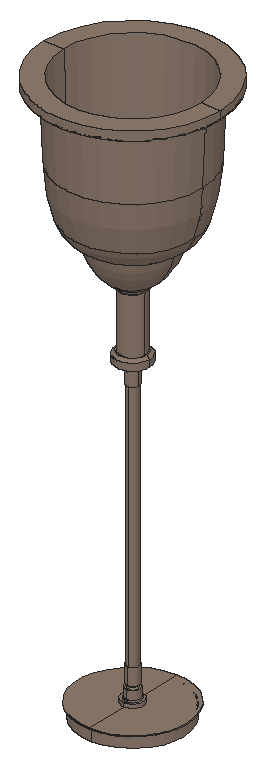
Revit family "3-6202-22 Sigma", category Lighting Fixtures, Revit 2014
Parameters
  Wattage = 9.2903 W
  built-in parameter 1150110 = 1 (stored number, unit not read)
  built-in parameter 1114217 = 1 (stored number, unit not read)
  Tilt Angle = 60.00°
  built-in parameter 1150109 = 1 (stored number, unit not read)
  built-in parameter 1150134 = 3
  built-in parameter 1150113 = 1 (stored number, unit not read)
  Stem  Length = 1' - 0"
  Photometric Web File = "generic"
  built-in parameter 1150142 = (empty or 0)
  Metal Finsih = 22- Oiled Bronze
  built-in parameter 1150105 = 109.82 (stored number, unit not read)
  Lumens = 1380 lm
  built-in parameter 1150115 = 1 (stored number, unit not read)
  built-in parameter 1150137 = (empty or 0)
  built-in parameter 1150139 = (empty or 0)
  built-in parameter 1150112 = 1 (stored number, unit not read)
  built-in parameter 1150114 = 1 (stored number, unit not read)
  built-in parameter 1150132 = (empty or 0)
  built-in parameter 1150102 = (empty or 0)
  built-in parameter 1150107 = 3200 (stored number, unit not read)
  built-in parameter 1150138 = (empty or 0)
  built-in parameter 1150106 = 1.0982 (stored number, unit not read)
  Emit from Circle Diameter = 0' - 10"
  Emit Shape Visible in Rendering = no
  built-in parameter 1150104 = 13.8 (stored number, unit not read)
  Dimming Lamp Color Temperature Shift = (empty or 0)
  Diffuser = Glass
  Default Elevation = 4' - 0"
  Color Filter = 16777215
  built-in parameter 1114218 = 1 (stored number, unit not read)
  built-in parameter 1150133 = 10 (stored number, unit not read)
Reference planes (in)
  plane 1 "Light Source Axis (F/B)": y = 0
  plane 2: z = 0
  plane 3 "Light Source Axis (L/R)": x = 0
  plane 4 "Light Source Elevation": z = 54
  plane 5: z = 0.7874
  plane 6: z = 2.75966
  plane 7: z = 14.75966
  plane 8: x = -0.25
  plane 9: x = 0.25
  plane 10: x = -0.375
  plane 11: x = 0.375
  plane 12: z = 33.92801
  plane 13: z = 31.33024
  plane 14: z = 29.63775
  plane 15: z = 28.14206
  plane 16: z = 26.8235
  plane 17: z = 23.39918
  plane 18: z = 18.9515
  plane 19: z = 18.20366
  plane 20: z = 17.73134
  plane 21: z = 17.25902
  plane 22: z = 22.27854
  plane 23: z = 21.96366
  plane 24: z = 21.64878
  plane 25: z = 16.08328
  plane 26: z = 16.2898
  plane 27: z = 22.82846
  plane 28: z = 34.08545
  plane 29: z = 32.90465
  plane 30: y = 6.25859
  plane 31: z = 32.19617
Forms (in)
  Revolve 1, solid, material "22- Oiled Bronze" <- "Metal Finsih"
    sketch origin (0, 0, 0) x (0, 1, 0) y (0, 0, 1)
      loop
        line (3.05117, 0) -> (3.05117, 0.62992)
        arc (3.05117, 0.62992) -> (3.01658, 0.71344) -> (2.93306, 0.74803) r 0.11811
        line (2.93306, 0.74803) -> (3.24802, 0.74803) -> (3.24802, 0.7874) -> (0, 0.7874) -> (0, 0) -> (3.05117, 0)
      axis (0, 0.7874) -> (0, 0)
    angle from 0 to 360
  Revolve 2, solid, material "22- Oiled Bronze" <- "Metal Finsih"
    sketch origin (0, 0, 0) x (0, 1, 0) y (0, 0, 1)
      loop
        line (0.37401, 2.75966) -> (0, 2.75966) -> (0, 0.7874) -> (0.62992, 0.7874) -> (0.62992, 0.98425) -> (0.45276, 0.98425) -> (0.45276, 1.07022) -> (0.43307, 1.09513) -> (0.43307, 1.56757) -> (0.27869, 1.56757)
        arc (0.27869, 1.56757) -> (0.24091, 1.6153) -> (0.19685, 1.6573) r 0.4362
        line (0.19685, 1.6573) -> (0.19685, 1.73604) -> (0.31496, 1.73604) -> (0.31496, 1.81478) -> (0.37401, 1.81478) -> (0.37401, 2.75966)
      axis (0, 2.75966) -> (0, 0.7874)
    angle from 0 to 360
  Revolve 3, solid, material "22- Oiled Bronze" <- "Metal Finsih"
    sketch origin (0, 0, 0) x (0, 1, 0) y (0, 0, 1)
      loop
        line (0.31496, 2.75966) -> (0.31496, 17.73134) -> (0, 17.73134) -> (0, 2.75966) -> (0.31496, 2.75966)
      axis (0, 17.73134) -> (0, 2.75966)
    angle from 0 to 360
  Revolve 4, solid, material "22- Oiled Bronze" <- "Metal Finsih"
    sketch origin (0, 0, 0) x (1, 0, 0) y (0, 0, 1)
      loop
        line (-5.25456, 34.08545) -> (-5.25456, 33.57377) -> (-5.21191, 33.57377)
        arc (-5.21191, 33.57377) -> (-5.1974, 33.55658) -> (-5.17584, 33.55015) r 0.03936
        line (-5.17584, 33.55015) -> (-4.86096, 33.55015)
        arc (-4.86096, 33.55015) -> (-4.63046, 33.42418) -> (-4.48198, 33.20749) r 0.56423
        arc (-4.48198, 33.20749) -> (-4.4531, 33.17053) -> (-4.40832, 33.15655) r 0.07872
        line (-4.40832, 33.15655) -> (-4.36759, 33.15655)
        arc (-4.36759, 33.15655) -> (-4.34003, 33.14529) -> (-4.32823, 33.11796) r 0.03936
        arc (-4.32823, 33.11796) -> (-4.27729, 31.34889) -> (-4.19334, 29.58109) r 94.81303
        arc (-4.19334, 29.58109) -> (-4.02357, 28.10292) -> (-3.64829, 26.66315) r 10.58951
        arc (-3.64829, 26.66315) -> (-3.20081, 25.91751) -> (-2.49985, 25.40286) r 2.20515
        arc (-2.49985, 25.40286) -> (-2.10562, 24.33127) -> (-1.39868, 23.43463) r 3.6384
        line (-1.39868, 23.43463) -> (-1.25952, 23.43463)
        arc (-1.25952, 23.43463) -> (-1.1567, 23.2556) -> (-0.97528, 23.15706) r 0.37887
        arc (-0.97528, 23.15706) -> (-0.9529, 23.14288) -> (-0.94458, 23.11772) r 0.03936
        arc (-0.94458, 23.11772) -> (-0.90545, 22.99515) -> (-0.79895, 22.92295) r 0.1968
        line (-0.79895, 22.92295) -> (-0.74784, 22.92295) -> (-0.74784, 22.82846) -> (0, 22.82846) -> (0, 23.39918) -> (-0.96631, 23.39918)
        arc (-0.96631, 23.39918) -> (-1.8343, 24.36173) -> (-2.27739, 25.57975) r 3.3884
        arc (-2.27739, 25.57975) -> (-2.97167, 26.03882) -> (-3.41209, 26.74508) r 1.95515
        arc (-3.41209, 26.74508) -> (-3.77816, 28.15066) -> (-3.94365, 29.59368) r 10.33951
        arc (-3.94365, 29.59368) -> (-4.04457, 31.83868) -> (-4.09211, 34.08545) r 94.56303
        line (-4.09211, 34.08545) -> (-5.25456, 34.08545)
      axis (0, 22.82846) -> (0, 34.08545)
    angle from 0 to 360
  Revolve 5, solid, material "22- Oiled Bronze" <- "Metal Finsih"
    sketch origin (0, 0, 0) x (1, 0, 0) y (0, 0, 1)
      loop
        line (-0.74784, 22.82846) -> (-0.74784, 19.49863) -> (-0.82656, 19.49863)
        arc (-0.82656, 19.49863) -> (-0.90628, 19.39656) -> (-1.02336, 19.34119) r 0.28049
        line (-1.02336, 19.34119) -> (-1.02336, 18.9515) -> (-0.734, 18.9515)
        arc (-0.734, 18.9515) -> (-0.65887, 18.86599) -> (-0.55104, 18.82951) r 0.21984
        arc (-0.55104, 18.82951) -> (-0.4653, 18.71134) -> (-0.32472, 18.67192) r 0.2221
        line (-0.32472, 18.67192) -> (-0.32472, 18.51463) -> (-0.375, 18.51463) -> (-0.375, 17.73134) -> (0, 17.73134) -> (0, 22.82846) -> (-0.74784, 22.82846)
      axis (0, 17.73134) -> (0, 22.82846)
    angle from 0 to 360
Dimensions and locks (in)
  "Stem  Length": plane 7 to plane 6
  locked: plane 5 to level at 0.7874
  locked: plane 6 to plane 5 at 1.97226
  locked: plane 12 to plane 7 at 19.16834
  plane 13 to plane 14 to plane 15 to plane 16 to plane 17 to plane 18 to plane 19 to plane 20 to plane 21 to plane 7 = 0' - 1.69249" locked, 0' - 1.49569" locked, 0' - 1.31856" locked, 0' - 3.42432" locked, 0' - 4.44768" locked, 0' - 0.74784" locked, 0' - 0.47232" locked, 0' - 0.47232" locked, 0' - 2.49936" locked
  locked: plane 22 to plane 7 at 7.51888
  equal spacing: plane 22, plane 23, plane 24, locked at 0.31488 each
  locked: plane 23 to plane 7 at 7.204
  locked: plane 27 to plane 7 at 8.0688
  locked: plane 25 to plane 7 at 1.32361
  locked: plane 26 to plane 25 at 0.20653
  plane 28 to plane 29 to plane 7 = 0' - 1.1808" locked, 1' - 6.14498" locked
  locked: plane 31 to plane 7 at 17.4365
  locked: imposter light to plane 7 at 18.74034
  aligned and locked: level to plane 2
  aligned and locked: level to Revolve 1 sketch curve
  aligned and locked: plane 5 to Revolve 1 sketch curve
  aligned and locked: plane 6 to Revolve 2 sketch curve
  aligned and locked: plane 5 to Revolve 2 sketch curve
  aligned and locked: plane 6 to Revolve 3 sketch curve
  aligned and locked: Revolve 4 sketch curve to plane 28
  aligned and locked: Revolve 4 sketch curve to plane 27
  aligned and locked: Revolve 5 sketch curve to plane 27
  aligned and locked: Revolve 5 sketch curve to plane 18
  aligned and locked: Revolve 5 sketch curve to plane 20
  aligned and locked: plane 20 to Revolve 3 sketch curve
Automatic sketch dimensions
  Revolve 1 sketch curve to plane 1 "Light Source Axis (F/B)" = 0' - 3.05117"
  Revolve 1 sketch curve to Revolve 1 sketch curve = 0' - 0.19685"
  Revolve 1 sketch curve to plane 5 = 0' - 0.15748"
  Revolve 1 sketch curve to Revolve 1 sketch curve = 0' - 0.11811"
  Revolve 1 sketch curve to Revolve 1 sketch curve = 0' - 0.03937"
  Revolve 1 sketch curve to plane 1 "Light Source Axis (F/B)" = 0' - 0"
  Revolve 1 sketch curve to Revolve 1 sketch curve = 0' - 0"
  Revolve 2 sketch curve to Revolve 2 sketch curve = 0' - 0.25591"
  Revolve 2 sketch curve to Revolve 2 sketch curve = 0' - 0.94488"
  Revolve 2 sketch curve to Revolve 2 sketch curve = 0' - 0.01968"
  plane 5 to Revolve 2 sketch curve = 0' - 0.28282"
  Revolve 2 sketch curve to Revolve 2 sketch curve = 0' - 0.02491"
  Revolve 2 sketch curve to Revolve 2 sketch curve = 0' - 0.08597"
  Revolve 2 sketch curve to Revolve 2 sketch curve = 0' - 0.17717"
  Revolve 2 sketch curve to Revolve 2 sketch curve = 0' - 0.05905"
  Revolve 2 sketch curve to Revolve 2 sketch curve = 0' - 0.07874"  (x2)
  Revolve 2 sketch curve to plane 1 "Light Source Axis (F/B)" = 0' - 0.19685"
  Revolve 2 sketch curve to Revolve 2 sketch curve = 0' - 0.11811"
  plane 1 "Light Source Axis (F/B)" to Revolve 2 sketch curve = 0' - 0.08139"
  Revolve 2 sketch curve to Revolve 2 sketch curve = 0' - 0.2462"
  Revolve 2 sketch curve to Revolve 2 sketch curve = 0' - 0.08184"
  Revolve 2 sketch curve to plane 1 "Light Source Axis (F/B)" = 0' - 0"
  Revolve 4 sketch curve to Revolve 4 sketch curve = 0' - 0"  (x10)
  Revolve 4 sketch curve to plane 17 = 0' - 0"
  Revolve 4 sketch curve to plane 3 "Light Source Axis (L/R)" = 0' - 0"
  Revolve 4 sketch curve to plane 10 = 0' - 0.37284"
  plane 27 to Revolve 4 sketch curve = 0' - 0.09449"
  Revolve 4 sketch curve to Revolve 4 sketch curve = 0' - 0.05111"
  plane 17 to Revolve 4 sketch curve = 0' - 0.12748"
  Revolve 4 sketch curve to Revolve 4 sketch curve = 0' - 0.14416"
  Revolve 4 sketch curve to Revolve 4 sketch curve = 0' - 0.07432"
  Revolve 4 sketch curve to Revolve 4 sketch curve = 0' - 0.23609"
  plane 17 to Revolve 4 sketch curve = 0' - 0.03545"
  Revolve 4 sketch curve to Revolve 4 sketch curve = 0' - 0.29321"
  Revolve 4 sketch curve to Revolve 4 sketch curve = 0' - 0.13916"
  plane 16 to Revolve 4 sketch curve = 0' - 0.57928"
  Revolve 4 sketch curve to plane 10 = 0' - 1.19588"
  Revolve 4 sketch curve to plane 10 = 0' - 3.71711"
  plane 29 to Revolve 4 sketch curve = 0' - 0.21254"
  Revolve 4 sketch curve to Revolve 4 sketch curve = 0' - 0.27548"
  Revolve 4 sketch curve to Revolve 4 sketch curve = 0' - 0.04073"
  Revolve 4 sketch curve to plane 12 = 0' - 0.37786"
  Revolve 4 sketch curve to Revolve 4 sketch curve = 0' - 0.45264"
  plane 29 to Revolve 4 sketch curve = 0' - 0.101"
  Revolve 4 sketch curve to Revolve 4 sketch curve = 0' - 0.14791"
  Revolve 4 sketch curve to Revolve 4 sketch curve = 0' - 0.31488"
  Revolve 4 sketch curve to Revolve 4 sketch curve = 0' - 0.03607"
  Revolve 4 sketch curve to Revolve 4 sketch curve = 0' - 0.04265"
  plane 11 to Revolve 4 sketch curve = 0' - 0.69462"
  plane 14 to Revolve 4 sketch curve = 0' - 0.40958"
  plane 11 to Revolve 4 sketch curve = 0' - 6.01091"
  plane 28 to Revolve 4 sketch curve = 0' - 0.87694"
  Revolve 4 sketch curve to Revolve 4 sketch curve = 7' - 0.08095"
  Revolve 4 sketch curve to Revolve 4 sketch curve = 0' - 0.19005"
  Revolve 4 sketch curve to Revolve 4 sketch curve = 0' - 0.00567"
  Revolve 4 sketch curve to plane 16 = 0' - 0.71577"
  Revolve 4 sketch curve to Revolve 4 sketch curve = 0' - 0.03936"
  Revolve 4 sketch curve to Revolve 4 sketch curve = 0' - 0.07872"
  Revolve 4 sketch curve to Revolve 4 sketch curve = 0' - 0.02362"
  Revolve 4 sketch curve to Revolve 4 sketch curve = 0' - 0.70651"
  Revolve 4 sketch curve to Revolve 4 sketch curve = 0' - 0.22246"
  Revolve 4 sketch curve to plane 16 = 0' - 0.07843"
  Revolve 4 sketch curve to plane 16 = 0' - 0.16035"
  Revolve 4 sketch curve to plane 14 = 0' - 0.05666"
  Revolve 5 sketch curve to plane 10 = 0' - 0"
  Revolve 5 sketch curve to plane 3 "Light Source Axis (L/R)" = 0' - 0"  (x2)
  Revolve 5 sketch curve to plane 10 = 0' - 0.16191"
  Revolve 5 sketch curve to Revolve 5 sketch curve = 0' - 0.19709"
  Revolve 5 sketch curve to plane 10 = 0' - 0.37284"
  Revolve 5 sketch curve to Revolve 5 sketch curve = 0' - 0.07872"
  Revolve 5 sketch curve to Revolve 5 sketch curve = 0' - 0.28936"
  Revolve 5 sketch curve to Revolve 5 sketch curve = 0' - 0.25494"
  plane 10 to Revolve 5 sketch curve = 0' - 0.03661"
  plane 10 to Revolve 5 sketch curve = 0' - 0.05028"
  plane 19 to Revolve 5 sketch curve = 0' - 0.31097"
  Revolve 5 sketch curve to plane 18 = 0' - 0.0579"
  plane 18 to Revolve 5 sketch curve = 0' - 0.0974"
  plane 18 to Revolve 5 sketch curve = 0' - 0.38969"
  Revolve 5 sketch curve to Revolve 5 sketch curve = 0' - 0.15744"
  Revolve 5 sketch curve to plane 18 = 0' - 0.12199"
  Revolve 5 sketch curve to plane 24 = 0' - 0.14878"
  plane 4 "Light Source Elevation" to Revolve 5 sketch curve = 0' - 8 1/2"
  Revolve 3 sketch curve to plane 1 "Light Source Axis (F/B)" = 0' - 0"  (x2)
  Revolve 3 sketch curve to Revolve 3 sketch curve = 0' - 0.31496"
  Revolve 3 sketch curve to level = 2' - 0"
  Revolve 3 sketch curve to plane 4 "Light Source Elevation" = 3' - 3.72669"
